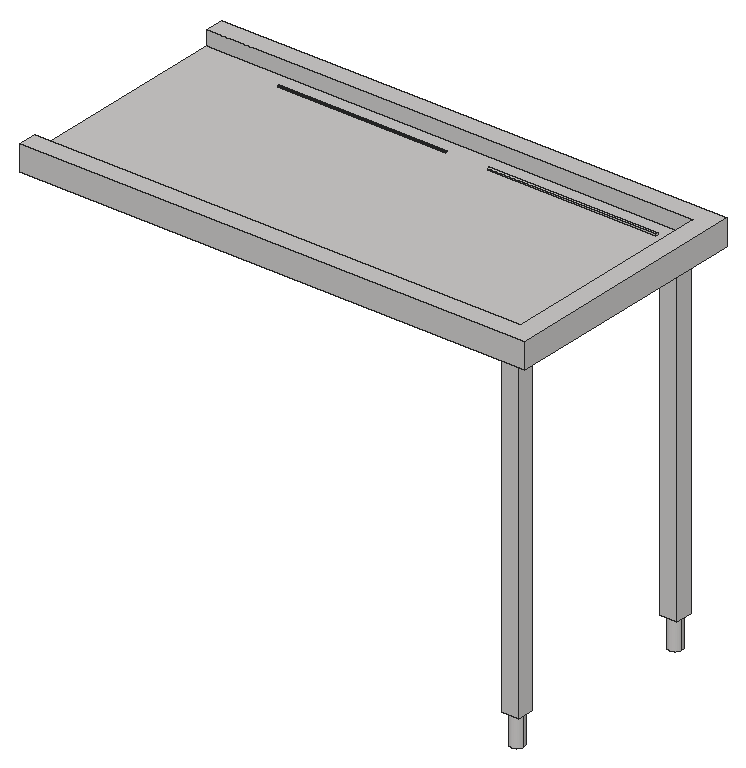
Revit family "QF_ZANUSSI_865303_BHHLU12", category Attrezzature speciali, Revit 2020
Family settings
  Quota connettore circolare = Usa diametro
  Tipo di parte = Normale
  Basato su piano di lavoro = No
  Sempre verticale = Sì
  Taglio con vuoti quando caricato = No
  Condiviso = No
  Punto di calcolo locali = No
Parameters (values of type "Standard")
  Weight = 12.00 kg
  Watts = 0 W
  Volts = 0 V
  URL Manufacturer = "http://www.zanussiprofessional.com"
  URL = "http://www.zanussiprofessional.com"
  Steam Supply Size = 0 mm
  Steam Supply Minimum Pressure = 0.0 Pa
  Steam Supply Maximum Pressure = 0.0 Pa
  Steam Consumption per Hour = 0
  Refrigeration Suction Line Size = 0 mm
  Refrigeration Liquid Line Size = 0 mm
  Refrigerant Compressor Remote = yes
  Prospetto di default = 0 mm
  Produttore = "Zanussi"
  Phase = 0
  Modello = "BHHLU12"
  Length Actual = 1200 mm  # constant formula
  Item Number = "865303"
  Hot Water Size = 0 mm
  Height Actual = 910 mm  # constant formula
  HP = "0 HP"
  Gas Size = 0 mm
  Gas KW = 0
  Gas Input Pressure = 0 W
  Direct Waste Size = 0 mm
  Descrizione = "DW TABLE UNLOADING&LOAD.1200MM-HOOD TYPE"
  Depth Actual = 600 mm  # constant formula
  Cycle = 0 Hz
  Condensate Return Size = 0 mm
  Compressed Air Volume = 0.0 L/s
  Compressed Air Size = 0 mm
  Compressed Air Pressure = 0.0 Pa
  Cold Water Size = 0 mm
  Accessory = yes
Reference planes
  plane 1 "Back": y = 0
  plane 2: z = 0
  plane 3 "Left": x = 0
Forms (mm)
  Extrusion 1, solid, material "QF_Finishes_Stainless Steel"
    sketch origin (0, 0, 704.604) x (1, 0, 0) y (0, 1, 0)
      loop
        line (0, 0) -> (0, -600) -> (1200, -600) -> (1200, 0) -> (0, 0)
    from 145.396 to 205.396
  Extrusion 2, void
    sketch origin (400, 0, 0.958) x (1, 0, 0) y (0, 1, 0)
      loop
        line (-400, -45) -> (-400, -555) -> (755, -555) -> (755, -45) -> (-400, -45)
    from 874.042 to 909.042
  Extrusion 3, solid, material "QF_Finishes_Stainless Steel"
    sketch origin (420, 0, 150) x (1, 0, 0) y (0, 1, 0)
      loop
        line (730, -45) -> (690, -45) -> (690, -85) -> (730, -85) -> (730, -45)
    from -80 to 700
  Extrusion 4, solid, material "QF_Finishes_Stainless Steel"
    sketch origin (420, -470, 129.575) x (1, 0, 0) y (0, 1, 0)
      loop
        line (730, -45) -> (690, -45) -> (690, -85) -> (730, -85) -> (730, -45)
    from -59.575 to 720.425
  Extrusion 5, solid, material "QF_Finishes_Stainless Steel"
    sketch origin (420, 0, 0) x (1, 0, 0) y (0, 1, 0)
      loop
        circle (710, -65) r 16
    from 0 to 70
  Extrusion 6, solid, material "QF_Finishes_Stainless Steel"
    sketch origin (420, -470, 0) x (1, 0, 0) y (0, 1, 0)
      loop
        circle (710, -65) r 16
    from 0 to 70
  Extrusion 7, solid, material "QF_Finishes_Stainless Steel"
    sketch origin (52.954, 0, 0) x (1, 0, 0) y (0, 1, 0)
      loop
        line (147.046, -80.302) -> (147.046, -85.302) -> (547.046, -85.302) -> (547.046, -80.302) -> (147.046, -80.302)
    from 875 to 878
  Extrusion 8, solid, material "QF_Finishes_Stainless Steel"
    sketch origin (52.954, -600, 0) x (1, 0, 0) y (0, 1, 0)
      loop
        line (147.046, 80.302) -> (547.046, 80.302) -> (547.046, 85.302) -> (147.046, 85.302) -> (147.046, 80.302)
    from 875 to 878
  Extrusion 9, solid, material "QF_Finishes_Stainless Steel"
    sketch origin (1247.046, 0, 0) x (-1, 0, 0) y (0, -1, 0)
      loop
        line (147.046, 80.302) -> (547.046, 80.302) -> (547.046, 85.302) -> (147.046, 85.302) -> (147.046, 80.302)
    from 875 to 878
  Extrusion 10, solid, material "QF_Finishes_Stainless Steel"
    sketch origin (1247.046, -600, 0) x (-1, 0, 0) y (0, -1, 0)
      loop
        line (147.046, -80.302) -> (147.046, -85.302) -> (547.046, -85.302) -> (547.046, -80.302) -> (147.046, -80.302)
    from 875 to 878
Cuts and joins
  Extrusion 2 cuts Extrusion 1
Dimensions and locks
  Extrusion 1 to Extrusion 1 = 60 mm
  equal spacing: Extrusion 1, Extrusion 2 sketch curve, Extrusion 2 sketch curve, Extrusion 1
  equal spacing: Extrusion 1, Extrusion 2 sketch curve, Extrusion 1
  Extrusion 2 to Extrusion 2 = 35 mm
  Extrusion 2 to level = 910 mm
  Extrusion 2 to Extrusion 1 = 1200 mm
  Extrusion 1 to Extrusion 1 = 600 mm
  aligned and locked: level to plane 2
